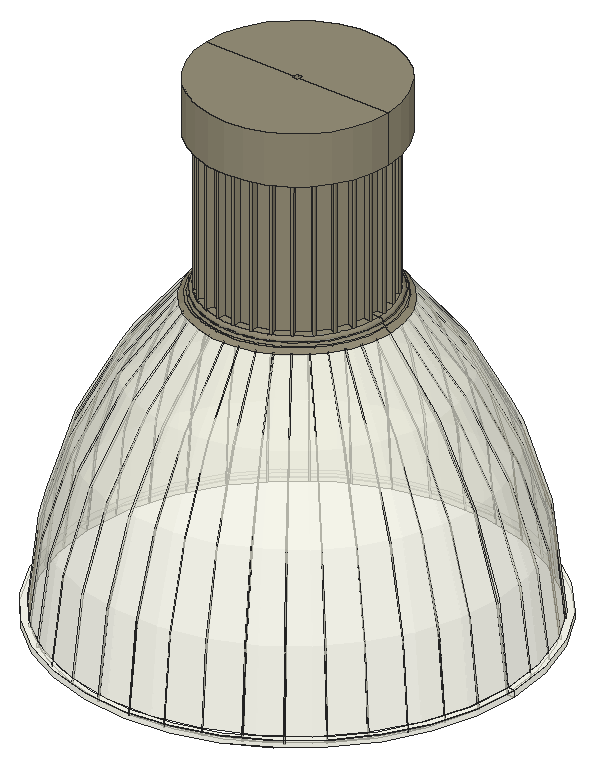
Revit family "FTA22", category Lighting Fixtures, Revit 2024
Family settings
  Round Connector Dimension = Use Diameter
  Part Type = Normal
  OmniClass Number = 23.80.70.00
  OmniClass Title = Lighting
  Work Plane-Based = No
  Always vertical = Yes
  Cut with Voids When Loaded = No
  Light Source = No
  Maintain Annotation Orientation = No
  Shared = No
  Room Calculation Point = No
Parameters
  Default Elevation = 0' - 0"
Reference planes (in)
  plane 1 "Light Source Axis (F/B)": y = 0
  plane 2: z = 0
  plane 3 "Light Source Axis (L/R)": x = 0
  plane 4 "Light Source Elevation": z = 54
Forms (in)
  Revolve 1, solid, material "19P"
    sketch origin (0, 0, 0) x (1, 0, 0) y (0, 0, 1)
      loop
        line (0.1665, 78.27545) -> (0.1665, 75.90045) -> (4.60304, 75.90045) -> (4.60304, 78.27545) -> (0.1665, 78.27545)
      loop
        arc (4.31268, 68.69707) -> (4.26638, 68.80882) -> (4.15463, 68.85511) r 0.15804
        line (4.15463, 68.85511) -> (0.78378, 68.85511) -> (0.78378, 68.76136) -> (4.15463, 68.76136)
        arc (4.15463, 68.76136) -> (4.20009, 68.74253) -> (4.21893, 68.69707) r 0.06429
        line (4.21893, 68.69707) -> (4.21893, 68.65333)
        arc (4.21893, 68.65333) -> (4.28235, 68.50376) -> (4.43396, 68.44539) r 0.20806
        line (4.43396, 68.44539) -> (4.5864, 68.3252) -> (4.73782, 68.3252) -> (4.49776, 68.51448)
        arc (4.49776, 68.51448) -> (4.46444, 68.53271) -> (4.42698, 68.53902) r 0.11431
        arc (4.42698, 68.53902) -> (4.34615, 68.5725) -> (4.31268, 68.65333) r 0.11431
        line (4.31268, 68.65333) -> (4.31268, 68.69707)
      axis (0, 68.3252) -> (0, 78.27545)
    angle from 0 to 360
  Extrusion 2, solid, material "19P"
    sketch origin (-25.8923, -15.2318, 68.85511) x (1, 0, 0) y (0, 1, 0)
      loop
        arc (25.8298, 18.97778) -> (25.50069, 18.95778) -> (25.1746, 18.90892) r 3.7465
        line (25.1746, 18.90892) -> (25.10879, 19.21852)
        arc (25.10879, 19.21852) -> (25.03467, 19.26666) -> (24.98653, 19.19253) r 0.0625
        line (24.98653, 19.19253) -> (25.05233, 18.88293)
        arc (25.05233, 18.88293) -> (24.73457, 18.79494) -> (24.42577, 18.67935) r 3.7465
        line (24.42577, 18.67935) -> (24.29703, 18.9685)
        arc (24.29703, 18.9685) -> (24.21451, 19.00018) -> (24.18284, 18.91766) r 0.0625
        line (24.18284, 18.91766) -> (24.31158, 18.6285)
        arc (24.31158, 18.6285) -> (24.01905, 18.47637) -> (23.74103, 18.2991) r 3.7465
        line (23.74103, 18.2991) -> (23.55499, 18.55517)
        arc (23.55499, 18.55517) -> (23.46769, 18.569) -> (23.45386, 18.4817) r 0.0625
        line (23.45386, 18.4817) -> (23.63991, 18.22563)
        arc (23.63991, 18.22563) -> (23.3854, 18.016) -> (23.15032, 17.7848) r 3.7465
        line (23.15032, 17.7848) -> (22.9151, 17.99659)
        arc (22.9151, 17.99659) -> (22.82683, 17.99197) -> (22.83146, 17.9037) r 0.0625
        line (22.83146, 17.9037) -> (23.06668, 17.69191)
        arc (23.06668, 17.69191) -> (22.86132, 17.43394) -> (22.67944, 17.15892) r 3.7465
        line (22.67944, 17.15892) -> (22.40532, 17.31718)
        arc (22.40532, 17.31718) -> (22.31995, 17.2943) -> (22.34282, 17.20893) r 0.0625
        line (22.34282, 17.20893) -> (22.61694, 17.05067)
        arc (22.61694, 17.05067) -> (22.4697, 16.75564) -> (22.34898, 16.44882) r 3.7465
        line (22.34898, 16.44882) -> (22.04795, 16.54663)
        arc (22.04795, 16.54663) -> (21.96919, 16.5065) -> (22.00932, 16.42774) r 0.0625
        line (22.00932, 16.42774) -> (22.31035, 16.32993)
        arc (22.31035, 16.32993) -> (22.22767, 16.01074) -> (22.17338, 15.68552) r 3.7465
        line (22.17338, 15.68552) -> (21.85859, 15.71861)
        arc (21.85859, 15.71861) -> (21.7899, 15.66298) -> (21.84552, 15.59429) r 0.0625
        line (21.84552, 15.59429) -> (22.16031, 15.56121)
        arc (22.16031, 15.56121) -> (22.1458, 15.2318) -> (22.16031, 14.9024) r 3.7465
        line (22.16031, 14.9024) -> (21.84552, 14.86931)
        arc (21.84552, 14.86931) -> (21.7899, 14.80062) -> (21.85859, 14.745) r 0.0625
        line (21.85859, 14.745) -> (22.17338, 14.77808)
        arc (22.17338, 14.77808) -> (22.22767, 14.45286) -> (22.31035, 14.13367) r 3.7465
        line (22.31035, 14.13367) -> (22.00932, 14.03586)
        arc (22.00932, 14.03586) -> (21.96919, 13.95711) -> (22.04795, 13.91698) r 0.0625
        line (22.04795, 13.91698) -> (22.34898, 14.01479)
        arc (22.34898, 14.01479) -> (22.4697, 13.70796) -> (22.61694, 13.41294) r 3.7465
        line (22.61694, 13.41294) -> (22.34282, 13.25468)
        arc (22.34282, 13.25468) -> (22.31995, 13.1693) -> (22.40532, 13.14643) r 0.0625
        line (22.40532, 13.14643) -> (22.67944, 13.30469)
        arc (22.67944, 13.30469) -> (22.86132, 13.02967) -> (23.06668, 12.7717) r 3.7465
        line (23.06668, 12.7717) -> (22.83146, 12.55991)
        arc (22.83146, 12.55991) -> (22.82683, 12.47164) -> (22.9151, 12.46701) r 0.0625
        line (22.9151, 12.46701) -> (23.15032, 12.67881)
        arc (23.15032, 12.67881) -> (23.3854, 12.44761) -> (23.63991, 12.23798) r 3.7465
        line (23.63991, 12.23798) -> (23.45386, 11.98191)
        arc (23.45386, 11.98191) -> (23.46769, 11.89461) -> (23.55499, 11.90843) r 0.0625
        line (23.55499, 11.90843) -> (23.74103, 12.16451)
        arc (23.74103, 12.16451) -> (24.01905, 11.98724) -> (24.31158, 11.8351) r 3.7465
        line (24.31158, 11.8351) -> (24.18284, 11.54595)
        arc (24.18284, 11.54595) -> (24.21451, 11.46343) -> (24.29703, 11.4951) r 0.0625
        line (24.29703, 11.4951) -> (24.42577, 11.78426)
        arc (24.42577, 11.78426) -> (24.73457, 11.66867) -> (25.05233, 11.58068) r 3.7465
        line (25.05233, 11.58068) -> (24.98653, 11.27107)
        arc (24.98653, 11.27107) -> (25.03467, 11.19694) -> (25.10879, 11.24508) r 0.0625
        line (25.10879, 11.24508) -> (25.1746, 11.55469)
        arc (25.1746, 11.55469) -> (25.50069, 11.50583) -> (25.8298, 11.48582) r 3.7465
        line (25.8298, 11.48582) -> (25.8298, 11.1693)
        arc (25.8298, 11.1693) -> (25.8923, 11.1068) -> (25.9548, 11.1693) r 0.0625
        line (25.9548, 11.1693) -> (25.9548, 11.48582)
        arc (25.9548, 11.48582) -> (26.28392, 11.50583) -> (26.61, 11.55469) r 3.7465
        line (26.61, 11.55469) -> (26.67581, 11.24508)
        arc (26.67581, 11.24508) -> (26.74994, 11.19694) -> (26.79808, 11.27107) r 0.0625
        line (26.79808, 11.27107) -> (26.73227, 11.58068)
        arc (26.73227, 11.58068) -> (27.05003, 11.66867) -> (27.35883, 11.78426) r 3.7465
        line (27.35883, 11.78426) -> (27.48757, 11.4951)
        arc (27.48757, 11.4951) -> (27.57009, 11.46343) -> (27.60177, 11.54595) r 0.0625
        line (27.60177, 11.54595) -> (27.47303, 11.8351)
        arc (27.47303, 11.8351) -> (27.76555, 11.98724) -> (28.04357, 12.16451) r 3.7465
        line (28.04357, 12.16451) -> (28.22962, 11.90843)
        arc (28.22962, 11.90843) -> (28.31692, 11.89461) -> (28.33074, 11.98191) r 0.0625
        line (28.33074, 11.98191) -> (28.1447, 12.23798)
        arc (28.1447, 12.23798) -> (28.3992, 12.44761) -> (28.63429, 12.67881) r 3.7465
        line (28.63429, 12.67881) -> (28.86951, 12.46701)
        arc (28.86951, 12.46701) -> (28.95777, 12.47164) -> (28.95315, 12.55991) r 0.0625
        line (28.95315, 12.55991) -> (28.71793, 12.7717)
        arc (28.71793, 12.7717) -> (28.92328, 13.02967) -> (29.10516, 13.30469) r 3.7465
        line (29.10516, 13.30469) -> (29.37928, 13.14643)
        arc (29.37928, 13.14643) -> (29.46466, 13.1693) -> (29.44178, 13.25468) r 0.0625
        line (29.44178, 13.25468) -> (29.16766, 13.41294)
        arc (29.16766, 13.41294) -> (29.3149, 13.70796) -> (29.43563, 14.01479) r 3.7465
        line (29.43563, 14.01479) -> (29.73666, 13.91698)
        arc (29.73666, 13.91698) -> (29.81541, 13.95711) -> (29.77528, 14.03586) r 0.0625
        line (29.77528, 14.03586) -> (29.47425, 14.13367)
        arc (29.47425, 14.13367) -> (29.55693, 14.45286) -> (29.61123, 14.77808) r 3.7465
        line (29.61123, 14.77808) -> (29.92601, 14.745)
        arc (29.92601, 14.745) -> (29.9947, 14.80062) -> (29.93908, 14.86931) r 0.0625
        line (29.93908, 14.86931) -> (29.62429, 14.9024)
        arc (29.62429, 14.9024) -> (29.6388, 15.2318) -> (29.62429, 15.56121) r 3.7465
        line (29.62429, 15.56121) -> (29.93908, 15.59429)
        arc (29.93908, 15.59429) -> (29.9947, 15.66298) -> (29.92601, 15.71861) r 0.0625
        line (29.92601, 15.71861) -> (29.61123, 15.68552)
        arc (29.61123, 15.68552) -> (29.55693, 16.01074) -> (29.47425, 16.32993) r 3.7465
        line (29.47425, 16.32993) -> (29.77528, 16.42774)
        arc (29.77528, 16.42774) -> (29.81541, 16.5065) -> (29.73666, 16.54663) r 0.0625
        line (29.73666, 16.54663) -> (29.43563, 16.44882)
        arc (29.43563, 16.44882) -> (29.3149, 16.75564) -> (29.16766, 17.05067) r 3.7465
        line (29.16766, 17.05067) -> (29.44178, 17.20893)
        arc (29.44178, 17.20893) -> (29.46466, 17.2943) -> (29.37928, 17.31718) r 0.0625
        line (29.37928, 17.31718) -> (29.10516, 17.15892)
        arc (29.10516, 17.15892) -> (28.92328, 17.43394) -> (28.71793, 17.69191) r 3.7465
        line (28.71793, 17.69191) -> (28.95315, 17.9037)
        arc (28.95315, 17.9037) -> (28.95777, 17.99197) -> (28.86951, 17.99659) r 0.0625
        line (28.86951, 17.99659) -> (28.63429, 17.7848)
        arc (28.63429, 17.7848) -> (28.3992, 18.016) -> (28.1447, 18.22563) r 3.7465
        line (28.1447, 18.22563) -> (28.33074, 18.4817)
        arc (28.33074, 18.4817) -> (28.31692, 18.569) -> (28.22962, 18.55517) r 0.0625
        line (28.22962, 18.55517) -> (28.04357, 18.2991)
        arc (28.04357, 18.2991) -> (27.76555, 18.47637) -> (27.47303, 18.6285) r 3.7465
        line (27.47303, 18.6285) -> (27.60177, 18.91766)
        arc (27.60177, 18.91766) -> (27.57009, 19.00018) -> (27.48757, 18.9685) r 0.0625
        line (27.48757, 18.9685) -> (27.35883, 18.67935)
        arc (27.35883, 18.67935) -> (27.05003, 18.79494) -> (26.73227, 18.88293) r 3.7465
        line (26.73227, 18.88293) -> (26.79808, 19.19253)
        arc (26.79808, 19.19253) -> (26.74994, 19.26666) -> (26.67581, 19.21852) r 0.0625
        line (26.67581, 19.21852) -> (26.61, 18.90892)
        arc (26.61, 18.90892) -> (26.28392, 18.95778) -> (25.9548, 18.97778) r 3.7465
        line (25.9548, 18.97778) -> (25.9548, 19.2943)
        arc (25.9548, 19.2943) -> (25.8923, 19.3568) -> (25.8298, 19.2943) r 0.0625
        line (25.8298, 19.2943) -> (25.8298, 18.97778)
    from 0 to 7.04534
  Revolve 3, solid, material "GLASS SHADE"
    sketch origin (0, 0, 0) x (1, 0, 0) y (0, 0, 1)
      loop
        line (4.73782, 68.3252) -> (4.60563, 68.3252)
        arc (4.60563, 68.3252) -> (9.0096, 61.75203) -> (10.59309, 54) r 20.47851
        line (10.59309, 54) -> (11.00138, 54) -> (11.00138, 54.32868) -> (10.6819, 54.32868)
        arc (10.6819, 54.32868) -> (9.05055, 61.89631) -> (4.73782, 68.3252) r 20.57226
      axis (0, 68.3252) -> (0, 54)
    angle from 0 to 360
  Sweep 4, solid, material "GLASS SHADE"
    path origin (-0.04688, 0, 0) x (1, 0, 0) y (0, 0, 1)
      loop
        arc (-4.5864, 68.3252) -> (-8.91952, 61.72019) -> (-10.59309, 54) r 21.63816
    profile origin (-8.9664, 0, 61.72019) x (0.922209, 0, -0.386691) y (0, -1, 0)
      loop
        circle (0, 0) r 0.03125
  Sweep 5, solid, material "GLASS SHADE"
    path origin (-0.0463, 0.00733, 0) x (0.987688, -0.156434, 0) y (0, 0, 1)
      loop
        arc (-4.5864, 68.3252) -> (-8.91952, 61.72019) -> (-10.59309, 54) r 21.63816
    profile origin (-8.85601, 1.40265, 61.72019) x (0.910855, -0.144265, -0.386691) y (-0.156434, -0.987688, 0)
      loop
        circle (0, 0) r 0.03125
  Sweep 6, solid, material "GLASS SHADE"
    path origin (-0.0463, -0.00733, 0) x (0.987688, 0.156434, 0) y (0, 0, 1)
      loop
        arc (-4.5864, 68.3252) -> (-8.91952, 61.72019) -> (-10.59309, 54) r 21.63816
    profile origin (-8.85601, -1.40265, 61.72019) x (0.910855, 0.144265, -0.386691) y (0.156434, -0.987688, 0)
      loop
        circle (0, 0) r 0.03125
  Sweep 7, solid, material "GLASS SHADE"
    path origin (-0.04458, -0.01449, 0) x (0.951057, 0.309017, 0) y (0, 0, 1)
      loop
        arc (-4.5864, 68.3252) -> (-8.91952, 61.72019) -> (-10.59309, 54) r 21.63816
    profile origin (-8.52755, -2.77077, 61.72019) x (0.877073, 0.284978, -0.386691) y (0.309017, -0.951057, 0)
      loop
        circle (0, 0) r 0.03125
  Sweep 8, solid, material "GLASS SHADE"
    path origin (-0.04177, -0.02128, 0) x (0.891007, 0.45399, 0) y (0, 0, 1)
      loop
        arc (-4.5864, 68.3252) -> (-8.91952, 61.72019) -> (-10.59309, 54) r 21.63816
    profile origin (-7.98912, -4.07066, 61.72019) x (0.821695, 0.418674, -0.386691) y (0.45399, -0.891007, 0)
      loop
        circle (0, 0) r 0.03125
  Sweep 9, solid, material "GLASS SHADE"
    path origin (-0.03792, -0.02755, 0) x (0.809017, 0.587785, 0) y (0, 0, 1)
      loop
        arc (-4.5864, 68.3252) -> (-8.91952, 61.72019) -> (-10.59309, 54) r 21.63816
    profile origin (-7.25397, -5.27032, 61.72019) x (0.746083, 0.542061, -0.386691) y (0.587785, -0.809017, 0)
      loop
        circle (0, 0) r 0.03125
  Sweep 10, solid, material "GLASS SHADE"
    path origin (-0.03315, -0.03315, 0) x (0.707107, 0.707107, 0) y (0, 0, 1)
      loop
        arc (-4.5864, 68.3252) -> (-8.91952, 61.72019) -> (-10.59309, 54) r 21.63816
    profile origin (-6.3402, -6.3402, 61.72019) x (0.6521, 0.6521, -0.386691) y (0.707107, -0.707107, 0)
      loop
        circle (0, 0) r 0.03125
  Sweep 11, solid, material "GLASS SHADE"
    path origin (-0.02755, -0.03792, 0) x (0.587785, 0.809017, 0) y (0, 0, 1)
      loop
        arc (-4.5864, 68.3252) -> (-8.91952, 61.72019) -> (-10.59309, 54) r 21.63816
    profile origin (-5.27032, -7.25397, 61.72019) x (0.542061, 0.746083, -0.386691) y (0.809017, -0.587785, 0)
      loop
        circle (0, 0) r 0.03125
  Sweep 12, solid, material "GLASS SHADE"
    path origin (-0.02128, -0.04177, 0) x (0.45399, 0.891007, 0) y (0, 0, 1)
      loop
        arc (-4.5864, 68.3252) -> (-8.91952, 61.72019) -> (-10.59309, 54) r 21.63816
    profile origin (-4.07066, -7.98912, 61.72019) x (0.418674, 0.821695, -0.386691) y (0.891007, -0.45399, 0)
      loop
        circle (0, 0) r 0.03125
  Sweep 13, solid, material "GLASS SHADE"
    path origin (-0.01449, -0.04458, 0) x (0.309017, 0.951057, 0) y (0, 0, 1)
      loop
        arc (-4.5864, 68.3252) -> (-8.91952, 61.72019) -> (-10.59309, 54) r 21.63816
    profile origin (-2.77077, -8.52755, 61.72019) x (0.284978, 0.877073, -0.386691) y (0.951057, -0.309017, 0)
      loop
        circle (0, 0) r 0.03125
  Sweep 14, solid, material "GLASS SHADE"
    path origin (-0.00733, -0.0463, 0) x (0.156434, 0.987688, 0) y (0, 0, 1)
      loop
        arc (-4.5864, 68.3252) -> (-8.91952, 61.72019) -> (-10.59309, 54) r 21.63816
    profile origin (-1.40265, -8.85601, 61.72019) x (0.144265, 0.910855, -0.386691) y (0.987688, -0.156434, 0)
      loop
        circle (0, 0) r 0.03125
  Sweep 15, solid, material "GLASS SHADE"
    path origin (0, -0.04688, 0) x (0, 1, 0) y (0, 0, 1)
      loop
        arc (-4.5864, 68.3252) -> (-8.91952, 61.72019) -> (-10.59309, 54) r 21.63816
    profile origin (0, -8.9664, 61.72019) x (0, 0.922209, -0.386691) y (1, 0, 0)
      loop
        circle (0, 0) r 0.03125
  Sweep 16, solid, material "GLASS SHADE"
    path origin (0.00733, -0.0463, 0) x (-0.156434, 0.987688, 0) y (0, 0, 1)
      loop
        arc (-4.5864, 68.3252) -> (-8.91952, 61.72019) -> (-10.59309, 54) r 21.63816
    profile origin (1.40265, -8.85601, 61.72019) x (-0.144265, 0.910855, -0.386691) y (0.987688, 0.156434, 0)
      loop
        circle (0, 0) r 0.03125
  Sweep 17, solid, material "GLASS SHADE"
    path origin (0.01449, -0.04458, 0) x (-0.309017, 0.951057, 0) y (0, 0, 1)
      loop
        arc (-4.5864, 68.3252) -> (-8.91952, 61.72019) -> (-10.59309, 54) r 21.63816
    profile origin (2.77077, -8.52755, 61.72019) x (-0.284978, 0.877073, -0.386691) y (0.951057, 0.309017, 0)
      loop
        circle (0, 0) r 0.03125
  Sweep 18, solid, material "GLASS SHADE"
    path origin (0.02128, -0.04177, 0) x (-0.45399, 0.891007, 0) y (0, 0, 1)
      loop
        arc (-4.5864, 68.3252) -> (-8.91952, 61.72019) -> (-10.59309, 54) r 21.63816
    profile origin (4.07066, -7.98912, 61.72019) x (-0.418674, 0.821695, -0.386691) y (0.891007, 0.45399, 0)
      loop
        circle (0, 0) r 0.03125
  Sweep 19, solid, material "GLASS SHADE"
    path origin (0.02755, -0.03792, 0) x (-0.587785, 0.809017, 0) y (0, 0, 1)
      loop
        arc (-4.5864, 68.3252) -> (-8.91952, 61.72019) -> (-10.59309, 54) r 21.63816
    profile origin (5.27032, -7.25397, 61.72019) x (-0.542061, 0.746083, -0.386691) y (0.809017, 0.587785, 0)
      loop
        circle (0, 0) r 0.03125
  Sweep 20, solid, material "GLASS SHADE"
    path origin (0.03315, -0.03315, 0) x (-0.707107, 0.707107, 0) y (0, 0, 1)
      loop
        arc (-4.5864, 68.3252) -> (-8.91952, 61.72019) -> (-10.59309, 54) r 21.63816
    profile origin (6.3402, -6.3402, 61.72019) x (-0.6521, 0.6521, -0.386691) y (0.707107, 0.707107, 0)
      loop
        circle (0, 0) r 0.03125
  Sweep 21, solid, material "GLASS SHADE"
    path origin (0.03792, -0.02755, 0) x (-0.809017, 0.587785, 0) y (0, 0, 1)
      loop
        arc (-4.5864, 68.3252) -> (-8.91952, 61.72019) -> (-10.59309, 54) r 21.63816
    profile origin (7.25397, -5.27032, 61.72019) x (-0.746083, 0.542061, -0.386691) y (0.587785, 0.809017, 0)
      loop
        circle (0, 0) r 0.03125
  Sweep 22, solid, material "GLASS SHADE"
    path origin (0.04177, -0.02128, 0) x (-0.891007, 0.45399, 0) y (0, 0, 1)
      loop
        arc (-4.5864, 68.3252) -> (-8.91952, 61.72019) -> (-10.59309, 54) r 21.63816
    profile origin (7.98912, -4.07066, 61.72019) x (-0.821695, 0.418674, -0.386691) y (0.45399, 0.891007, 0)
      loop
        circle (0, 0) r 0.03125
  Sweep 23, solid, material "GLASS SHADE"
    path origin (0.04458, -0.01449, 0) x (-0.951057, 0.309017, 0) y (0, 0, 1)
      loop
        arc (-4.5864, 68.3252) -> (-8.91952, 61.72019) -> (-10.59309, 54) r 21.63816
    profile origin (8.52755, -2.77077, 61.72019) x (-0.877073, 0.284978, -0.386691) y (0.309017, 0.951057, 0)
      loop
        circle (0, 0) r 0.03125
  Sweep 24, solid, material "GLASS SHADE"
    path origin (0.0463, -0.00733, 0) x (-0.987688, 0.156434, 0) y (0, 0, 1)
      loop
        arc (-4.5864, 68.3252) -> (-8.91952, 61.72019) -> (-10.59309, 54) r 21.63816
    profile origin (8.85601, -1.40265, 61.72019) x (-0.910855, 0.144265, -0.386691) y (0.156434, 0.987688, 0)
      loop
        circle (0, 0) r 0.03125
  Sweep 25, solid, material "GLASS SHADE"
    path origin (0.04688, 0, 0) x (-1, 0, 0) y (0, 0, 1)
      loop
        arc (-4.5864, 68.3252) -> (-8.91952, 61.72019) -> (-10.59309, 54) r 21.63816
    profile origin (8.9664, 0, 61.72019) x (-0.922209, 0, -0.386691) y (0, 1, 0)
      loop
        circle (0, 0) r 0.03125
  Sweep 26, solid, material "GLASS SHADE"
    path origin (0.0463, 0.00733, 0) x (-0.987688, -0.156434, 0) y (0, 0, 1)
      loop
        arc (-4.5864, 68.3252) -> (-8.91952, 61.72019) -> (-10.59309, 54) r 21.63816
    profile origin (8.85601, 1.40265, 61.72019) x (-0.910855, -0.144265, -0.386691) y (-0.156434, 0.987688, 0)
      loop
        circle (0, 0) r 0.03125
  Sweep 27, solid, material "GLASS SHADE"
    path origin (0.04458, 0.01449, 0) x (-0.951057, -0.309017, 0) y (0, 0, 1)
      loop
        arc (-4.5864, 68.3252) -> (-8.91952, 61.72019) -> (-10.59309, 54) r 21.63816
    profile origin (8.52755, 2.77077, 61.72019) x (-0.877073, -0.284978, -0.386691) y (-0.309017, 0.951057, 0)
      loop
        circle (0, 0) r 0.03125
  Sweep 28, solid, material "GLASS SHADE"
    path origin (0.04177, 0.02128, 0) x (-0.891007, -0.45399, 0) y (0, 0, 1)
      loop
        arc (-4.5864, 68.3252) -> (-8.91952, 61.72019) -> (-10.59309, 54) r 21.63816
    profile origin (7.98912, 4.07066, 61.72019) x (-0.821695, -0.418674, -0.386691) y (-0.45399, 0.891007, 0)
      loop
        circle (0, 0) r 0.03125
  Sweep 29, solid, material "GLASS SHADE"
    path origin (0.03792, 0.02755, 0) x (-0.809017, -0.587785, 0) y (0, 0, 1)
      loop
        arc (-4.5864, 68.3252) -> (-8.91952, 61.72019) -> (-10.59309, 54) r 21.63816
    profile origin (7.25397, 5.27032, 61.72019) x (-0.746083, -0.542061, -0.386691) y (-0.587785, 0.809017, 0)
      loop
        circle (0, 0) r 0.03125
  Sweep 30, solid, material "GLASS SHADE"
    path origin (0.03315, 0.03315, 0) x (-0.707107, -0.707107, 0) y (0, 0, 1)
      loop
        arc (-4.5864, 68.3252) -> (-8.91952, 61.72019) -> (-10.59309, 54) r 21.63816
    profile origin (6.3402, 6.3402, 61.72019) x (-0.6521, -0.6521, -0.386691) y (-0.707107, 0.707107, 0)
      loop
        circle (0, 0) r 0.03125
  Sweep 31, solid, material "GLASS SHADE"
    path origin (0.02755, 0.03792, 0) x (-0.587785, -0.809017, 0) y (0, 0, 1)
      loop
        arc (-4.5864, 68.3252) -> (-8.91952, 61.72019) -> (-10.59309, 54) r 21.63816
    profile origin (5.27032, 7.25397, 61.72019) x (-0.542061, -0.746083, -0.386691) y (-0.809017, 0.587785, 0)
      loop
        circle (0, 0) r 0.03125
  Sweep 32, solid, material "GLASS SHADE"
    path origin (0.02128, 0.04177, 0) x (-0.45399, -0.891007, 0) y (0, 0, 1)
      loop
        arc (-4.5864, 68.3252) -> (-8.91952, 61.72019) -> (-10.59309, 54) r 21.63816
    profile origin (4.07066, 7.98912, 61.72019) x (-0.418674, -0.821695, -0.386691) y (-0.891007, 0.45399, 0)
      loop
        circle (0, 0) r 0.03125
  Sweep 33, solid, material "GLASS SHADE"
    path origin (0.01449, 0.04458, 0) x (-0.309017, -0.951057, 0) y (0, 0, 1)
      loop
        arc (-4.5864, 68.3252) -> (-8.91952, 61.72019) -> (-10.59309, 54) r 21.63816
    profile origin (2.77077, 8.52755, 61.72019) x (-0.284978, -0.877073, -0.386691) y (-0.951057, 0.309017, 0)
      loop
        circle (0, 0) r 0.03125
  Sweep 34, solid, material "GLASS SHADE"
    path origin (0.00733, 0.0463, 0) x (-0.156434, -0.987688, 0) y (0, 0, 1)
      loop
        arc (-4.5864, 68.3252) -> (-8.91952, 61.72019) -> (-10.59309, 54) r 21.63816
    profile origin (1.40265, 8.85601, 61.72019) x (-0.144265, -0.910855, -0.386691) y (-0.987688, 0.156434, 0)
      loop
        circle (0, 0) r 0.03125
  Sweep 35, solid, material "GLASS SHADE"
    path origin (0, 0.04688, 0) x (0, -1, 0) y (0, 0, 1)
      loop
        arc (-4.5864, 68.3252) -> (-8.91952, 61.72019) -> (-10.59309, 54) r 21.63816
    profile origin (0, 8.9664, 61.72019) x (0, -0.922209, -0.386691) y (-1, 0, 0)
      loop
        circle (0, 0) r 0.03125
  Sweep 36, solid, material "GLASS SHADE"
    path origin (-0.00733, 0.0463, 0) x (0.156434, -0.987688, 0) y (0, 0, 1)
      loop
        arc (-4.5864, 68.3252) -> (-8.91952, 61.72019) -> (-10.59309, 54) r 21.63816
    profile origin (-1.40265, 8.85601, 61.72019) x (0.144265, -0.910855, -0.386691) y (-0.987688, -0.156434, 0)
      loop
        circle (0, 0) r 0.03125
  Sweep 37, solid, material "GLASS SHADE"
    path origin (-0.01449, 0.04458, 0) x (0.309017, -0.951057, 0) y (0, 0, 1)
      loop
        arc (-4.5864, 68.3252) -> (-8.91952, 61.72019) -> (-10.59309, 54) r 21.63816
    profile origin (-2.77077, 8.52755, 61.72019) x (0.284978, -0.877073, -0.386691) y (-0.951057, -0.309017, 0)
      loop
        circle (0, 0) r 0.03125
  Sweep 38, solid, material "GLASS SHADE"
    path origin (-0.02128, 0.04177, 0) x (0.45399, -0.891007, 0) y (0, 0, 1)
      loop
        arc (-4.5864, 68.3252) -> (-8.91952, 61.72019) -> (-10.59309, 54) r 21.63816
    profile origin (-4.07066, 7.98912, 61.72019) x (0.418674, -0.821695, -0.386691) y (-0.891007, -0.45399, 0)
      loop
        circle (0, 0) r 0.03125
  Sweep 39, solid, material "GLASS SHADE"
    path origin (-0.02755, 0.03792, 0) x (0.587785, -0.809017, 0) y (0, 0, 1)
      loop
        arc (-4.5864, 68.3252) -> (-8.91952, 61.72019) -> (-10.59309, 54) r 21.63816
    profile origin (-5.27032, 7.25397, 61.72019) x (0.542061, -0.746083, -0.386691) y (-0.809017, -0.587785, 0)
      loop
        circle (0, 0) r 0.03125
  Sweep 40, solid, material "GLASS SHADE"
    path origin (-0.03315, 0.03315, 0) x (0.707107, -0.707107, 0) y (0, 0, 1)
      loop
        arc (-4.5864, 68.3252) -> (-8.91952, 61.72019) -> (-10.59309, 54) r 21.63816
    profile origin (-6.3402, 6.3402, 61.72019) x (0.6521, -0.6521, -0.386691) y (-0.707107, -0.707107, 0)
      loop
        circle (0, 0) r 0.03125
  Sweep 41, solid, material "GLASS SHADE"
    path origin (-0.03792, 0.02755, 0) x (0.809017, -0.587785, 0) y (0, 0, 1)
      loop
        arc (-4.5864, 68.3252) -> (-8.91952, 61.72019) -> (-10.59309, 54) r 21.63816
    profile origin (-7.25397, 5.27032, 61.72019) x (0.746083, -0.542061, -0.386691) y (-0.587785, -0.809017, 0)
      loop
        circle (0, 0) r 0.03125
  Sweep 42, solid, material "GLASS SHADE"
    path origin (-0.04177, 0.02128, 0) x (0.891007, -0.45399, 0) y (0, 0, 1)
      loop
        arc (-4.5864, 68.3252) -> (-8.91952, 61.72019) -> (-10.59309, 54) r 21.63816
    profile origin (-7.98912, 4.07066, 61.72019) x (0.821695, -0.418674, -0.386691) y (-0.45399, -0.891007, 0)
      loop
        circle (0, 0) r 0.03125
  Sweep 43, solid, material "GLASS SHADE"
    path origin (-0.04458, 0.01449, 0) x (0.951057, -0.309017, 0) y (0, 0, 1)
      loop
        arc (-4.5864, 68.3252) -> (-8.91952, 61.72019) -> (-10.59309, 54) r 21.63816
    profile origin (-8.52755, 2.77077, 61.72019) x (0.877073, -0.284978, -0.386691) y (-0.309017, -0.951057, 0)
      loop
        circle (0, 0) r 0.03125
Dimensions and locks (in)
  aligned and locked: level to plane 2
